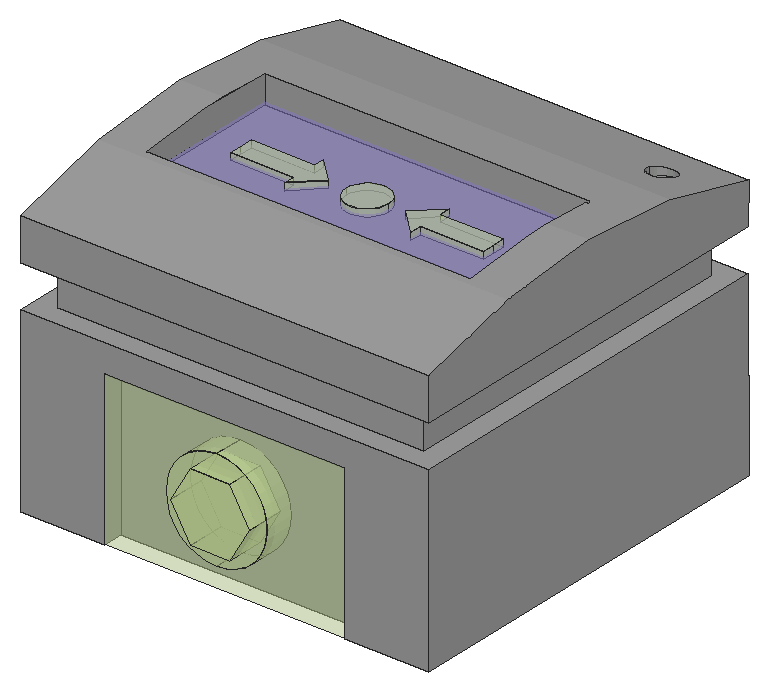
Revit family "Maxlogic manual call poınt resettable (High IP)", category Fire Alarm Devices, host Face, Revit 2022
Family settings
  Host = Face
  Round Connector Dimension = Use Diameter
  Part Type = Normal
  OmniClass Number = 23.85.30.21
  OmniClass Title = Environmental Detection/Registration
  Cut with Voids When Loaded = No
  Maintain Annotation Orientation = Yes
  Shared = No
  Room Calculation Point = No
Parameters (values of type "Maxlogic Intelligent Addressable System Manual Call Point, Resettable, Weatherproof (IP65) With Short Circuit Isolator")
  Weight = "270 g"
  Weatherproof surface mounting back box = ""
  Warranty Duration Unit = "Year"
  Warranty Duration Parts = "2"
  Warranty Duration Labor = "2"
  Version = ""
  URL = "https://www.mavili.com.tr/en"
  Recessed mounting base = ""
  Public Works Pose Number = ""
  Protective Cover = "PS200"
  Protection Sign = "IP65"
  Product Code = "ML-1731.SCI"
  Phone Number = "(+)90 216 466 45 05"
  Operatonal Voltage (default) = "24 V/DC"
  Operating voltage range = "18-33V/DC"
  Operating temperature = "(-25°C) - (+70°C)"
  Nominal Depth = "71 mm"
  Nominal Width = "93 mm"
  Nominal Height = "97,5 mm"
  Mounting surface = "Wall mounting"
  Mounting height = "140 cm above from ground (+/-200mm)"
  Model = "MaxLogic"
  Manufacturer = "Mavili Elektronik Ticaret A.Ş."
  Installation Manual = "https://mavilielektronik.com/Revit/ML1731_kk.pdf"
  Indicator output = ""
  Fax Number = "(+)90 216 466 45 10"
  External supply = ""
  Email = "mavili@mavili.com.tr"
  Disclaimer = ""
  Device Adress Setup = "The address is given to devices by addressable programmer"
  Description = "Intelligent Addressable System Manual Call Point, Resettable, Weatherproof (IP65) With Short Circuit Isolator"
  Default Elevation = 0 mm
  Current consumption = ""
  Cost unıt = ""
  Cost = 0
  Compatible sockets = ""
  Color = "Red"
  Code Performance = "EN 54-11 and EN 54-17"
  Main Material = "Red Plastic PC/ABS"
  Secondary Material = "Plastic"
  Address line 1 = "Şerifali Mahallesi Kutup Sokak No:27/1-2-4 Ümraniye TR-34775 İSTANBUL"
Types (6, lengths in mm): name | Weight | Protection Sign | Product Code | Operating temperature | Model | Installation Manual | Description | Code Performance
  (no name) | "270 g" | "IP65" | "ML-1731.SCI" | "(-25°C) - (+70°C)" | "MaxLogic" | "https://mavilielektronik.com/Revit/ML1731_kk.pdf" | "Intelligent Addressable System Manual Call Point, Resettable, Weatherproof (IP65) With Short Circuit Isolator" | "EN 54-11 and EN 54-17"
  Maxlogic Intelligent Addressable manual call point, waterproof (IP67), resettable | "270 g" | "IP67" | "ML-1730" | "(-30°C) - (+70°C)" | "MaxLogic" | "https://mavilielektronik.com/Revit/ML1730_kk.pdf" | "Intelligent Addressable manual call point, waterproof (IP67), resettable" | "EN 54-11 and EN 54-17"
  Maxlogic Intelligent Addressable manual call point, waterproof (IP67), resettable, short circuit isolator | "270 g" | "IP67" | "ML-1730.SCI" | "(-30°C) - (+70°C)" | "MaxLogic" | "https://mavilielektronik.com/Revit/ML1730_kk.pdf" | "Intelligent Addressable manual call point, waterproof (IP67), resettable, short circuit isolator" | "EN 54-11 and EN 54-17"
  Mavigard Addressable manual call point, waterproof (IP67), resettable | "240 g" | "IP67" | "MG-8120" | "(-30°C) - (+70°C)" | "Mavigard" | "https://mavilielektronik.com/Revit/MG8120_kk.pdf" | "Addressable manual call point, waterproof (IP67), resettable" | "EN 54-11"
  Maxlogic Intelligent Addressable System Manual Call Point, Resettable, Weatherproof (IP65) | "270 g" | "IP65" | "ML-1731" | "(-25°C) - (+70°C)" | "MaxLogic" | "https://mavilielektronik.com/Revit/ML1731_kk.pdf" | "Intelligent Addressable System Manual Call Point, Resettable, Weatherproof (IP65)" | "EN 54-11 and EN 54-17"
  Maxlogic Intelligent Addressable System Manual Call Point, Resettable, Weatherproof (IP65) With Short Circuit Isolator | "270 g" | "IP65" | "ML-1731.SCI" | "(-25°C) - (+70°C)" | "MaxLogic" | "https://mavilielektronik.com/Revit/ML1731_kk.pdf" | "Intelligent Addressable System Manual Call Point, Resettable, Weatherproof (IP65) With Short Circuit Isolator" | "EN 54-11 and EN 54-17"
Reference planes
  plane 1 "Center (Front/Back)": y = 0
  plane 2: z = 0
  plane 3 "Center (Left/Right)": x = 0
Forms (mm)
  Extrusion 1, solid, material "MAVİLİ KIRMIZI"
    sketch origin (0, 0, 0) x (0, 1, 0) y (0, 0, 1)
      loop
        line (0, 0) -> (0, 43) -> (-95, 43) -> (-95, 0) -> (0, 0)
    from 0 to 97
  Extrusion 2, solid, material "MAVİLİ KIRMIZI"
    sketch origin (0, 0, 0) x (0, 1, 0) y (0, 0, 1)
      loop
        line (-5, 43) -> (-5, 53) -> (0, 53) -> (0, 63)
        arc (0, 63) -> (-47.5, 71) -> (-95, 63) r 145.016
        line (-95, 63) -> (-95, 53) -> (-90, 53) -> (-90, 43) -> (-5, 43)
    from 0 to 97
  Extrusion 3, void
    sketch origin (0, 0, 0) x (1, 0, 0) y (0, 0, 1)
      loop
        line (97, 53) -> (92, 53) -> (92, 43) -> (97, 43) -> (97, 53)
    from 0 to 97
  Extrusion 4, void
    sketch origin (97, 0, 0) x (-1, 0, 0) y (0, 0, -1)
      loop
        line (97, -53) -> (97, -43) -> (92, -43) -> (92, -53) -> (97, -53)
    from 0 to 97
  Extrusion 5, void
    sketch origin (0, 0, 0) x (1, 0, 0) y (0, 1, 0)
      loop
        line (87, -70) -> (87, -35) -> (10, -35) -> (10, -70) -> (87, -70)
    from 63.812 to 71.012
  Extrusion 6, void
    sketch origin (0, 0, 0) x (0, 0, -1) y (1, 0, 0)
      loop
        line (-36.479, 77) -> (-36.479, 20) -> (0, 20) -> (0, 77) -> (-36.479, 77)
    from 0 to 5
  Extrusion 7, solid, material "MAVİLİ SİYAH"
    sketch origin (0, -5, 0) x (0, 0, 1) y (1, 0, 0)
      loop
        line (36.479, 77) -> (0, 77) -> (0, 20) -> (36.479, 20) -> (36.479, 77)
    from 0 to 5
  Extrusion 8, solid, material "MAVİLİ SİYAH"
    sketch origin (0, -5, 0) x (0, 0, 1) y (1, 0, 0)
      loop
        circle (18.426, 61.121) r 12
      loop
        circle (18.426, 35.879) r 12
    from 0 to 7.605
  Extrusion 9, solid, material "MAVİLİ SİYAH"
    sketch origin (0, -5, 0) x (0, 0, 1) y (1, 0, 0)
      loop
        line (18.426, 71.121) -> (9.766, 66.121) -> (9.766, 56.121) -> (18.426, 51.121) -> (27.086, 56.121) -> (27.086, 66.121) -> (18.426, 71.121)
      loop
        line (18.426, 45.879) -> (9.766, 40.879) -> (9.766, 30.879) -> (18.426, 25.879) -> (27.086, 30.879) -> (27.086, 40.879) -> (18.426, 45.879)
    from 0 to 9.14
  Extrusion 10, solid, material "MAVİLİ SİYAH"
    sketch origin (0, 0, 63.812) x (1, 0, 0) y (0, 1, 0)
      loop
        circle (48.5, -52.5) r 5
      loop
        line (78.5, -52.5) -> (78.5, -49.471) -> (63.5, -49.471) -> (63.5, -46.707) -> (57.707, -52.5) -> (63.5, -58.293) -> (63.5, -55.529) -> (78.5, -55.529) -> (78.5, -52.5)
      loop
        line (18.5, -52.5) -> (18.5, -55.529) -> (33.5, -55.529) -> (33.5, -58.293) -> (39.293, -52.5) -> (33.5, -46.707) -> (33.5, -49.471) -> (18.5, -49.471) -> (18.5, -52.5)
    from 0 to 1.764
  Extrusion 11, solid, material "MAVİLİ BEYAZ"
    sketch origin (0, 0, 63.812) x (1, 0, 0) y (0, 1, 0)
      loop
        line (10, -35) -> (10, -70) -> (87, -70) -> (87, -35) -> (10, -35)
    from -7.588 to 0.743
  Extrusion 12, void
    sketch origin (0, -95, 0) x (0, 0, -1) y (-1, 0, 0)
      loop
        line (-36.479, -20) -> (-36.479, -77) -> (0, -77) -> (0, -20) -> (-36.479, -20)
    from 0 to 5
  Extrusion 13, solid, material "MAVİLİ SİYAH"
    sketch origin (0, -90, 0) x (0, 0, 1) y (-1, 0, 0)
      loop
        line (36.479, -20) -> (0, -20) -> (0, -77) -> (36.479, -77) -> (36.479, -20)
    from 0 to 5
  Extrusion 14, solid, material "MAVİLİ SİYAH"
    sketch origin (0, -90, 0) x (0, 0, 1) y (-1, 0, 0)
      loop
        circle (18.24, -48.5) r 12
    from 0 to 7.218
  Extrusion 15, solid, material "MAVİLİ SİYAH"
    sketch origin (0, -90, 0) x (0, 0, 1) y (-1, 0, 0)
      loop
        line (26.291, -43.836) -> (18.125, -39.122) -> (9.96, -43.836) -> (9.96, -53.265) -> (18.125, -57.979) -> (26.291, -53.265) -> (26.291, -43.836)
    from 0 to 9.245
  Extrusion 16, void
    sketch origin (0, 0, 63.812) x (0, 1, 0) y (1, 0, 0)
      loop
        circle (-13.211, 87) r 3.15
    from -6.01 to -0.743
Cuts and joins
  Extrusion 3, Extrusion 4, Extrusion 5, Extrusion 6, Extrusion 12 cuts Extrusion 1
  Extrusion 3, Extrusion 4, Extrusion 5, Extrusion 16 cuts Extrusion 2
Dimensions and locks
  Extrusion 1 to host face = 43 mm
  aligned and locked: plane 2 to host face
  aligned and locked: level to host face
